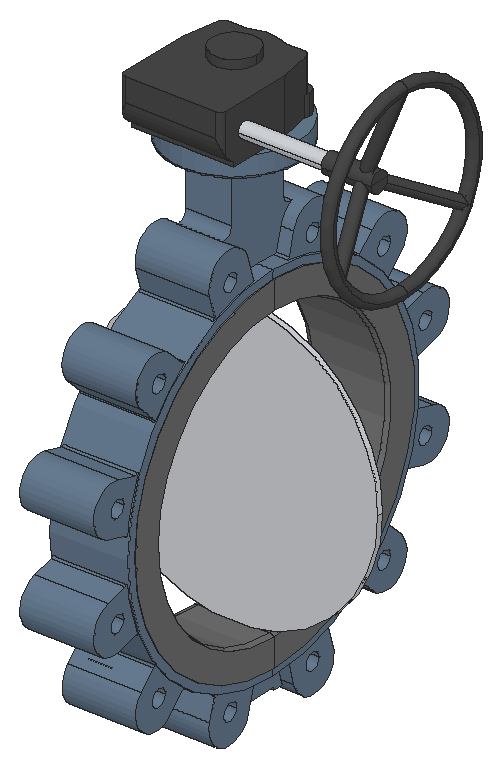
Revit family "HERZ Isolating Butterfly Valves AF-4219 with gearbox", category Rohrzubehör, Revit 2020 (continued)
Definition of nested family "Getriebe für Klappe DN50-DN200"
  Dimensions and locks
    "W01": angle Extrusion 1 sketch curve to Extrusion 1 sketch curve  (x2)
    aligned and locked: level to plane 2
  Automatic sketch dimensions
    Extrusion 3 sketch curve to level = 0 mm
    plane 1 "Mitte (Vorne/hinten)" to Extrusion 3 sketch curve = 80 mm
    Extrusion 3 sketch curve to Extrusion 3 sketch curve = 15.427 mm
    Extrusion 3 sketch curve to Extrusion 3 sketch curve = 13.173 mm
    level to Extrusion 3 sketch curve = 4.9 mm
    plane 1 "Mitte (Vorne/hinten)" to Extrusion 5 sketch curve = 0 mm
    Extrusion 5 sketch curve to plane 3 "Mitte (Links/rechts)" = 0 mm
    level to Revolve 7 sketch curve = 28.6 mm  (x2)
    plane 3 "Mitte (Links/rechts)" to Revolve 7 sketch curve = 172 mm
    level to Revolve 7 sketch curve = 26.361 mm
    Revolve 7 sketch curve to Revolve 7 sketch curve = 5.567 mm
    level to Revolve 7 sketch curve = 120.6 mm
    Revolve 7 sketch curve to Revolve 7 sketch curve = 0 mm  (x3)
    plane 3 "Mitte (Links/rechts)" to Revolve 10 sketch curve = 172 mm
    Revolve 10 sketch curve to Revolve 10 sketch curve = 5.567 mm
    Revolve 10 sketch curve to Revolve 10 sketch curve = 37 mm
    Revolve 10 sketch curve to Revolve 10 sketch curve = 2.239 mm
    Revolve 10 sketch curve to Revolve 10 sketch curve = 0 mm  (x4)
    plane 3 "Mitte (Links/rechts)" to Revolve 9 sketch curve = 172 mm
    Revolve 9 sketch curve to Revolve 9 sketch curve = 5.567 mm
    Revolve 9 sketch curve to Revolve 9 sketch curve = 37 mm
    Revolve 9 sketch curve to Revolve 9 sketch curve = 2.239 mm
    Revolve 9 sketch curve to Revolve 9 sketch curve = 0 mm  (x4)
    Extrusion 1 sketch curve to plane 3 "Mitte (Links/rechts)" = 0 mm
    plane 1 "Mitte (Vorne/hinten)" to Extrusion 1 sketch curve = 0 mm  (x2)
    Extrusion 1 sketch curve to plane 1 "Mitte (Vorne/hinten)" = 35.392 mm
    Extrusion 1 sketch curve to Extrusion 1 sketch curve = 18.48 mm  (x2)
    Extrusion 2 sketch curve to plane 3 "Mitte (Links/rechts)" = 35.7 mm
    plane 3 "Mitte (Links/rechts)" to Extrusion 2 sketch curve = 35.7 mm
    Revolve 4 sketch curve to plane 3 "Mitte (Links/rechts)" = 0 mm  (x2)
    Revolve 4 sketch curve to Revolve 4 sketch curve = 0 mm  (x2)
    Revolve 6 sketch curve to plane 3 "Mitte (Links/rechts)" = 1506.53 mm
    Revolve 6 sketch curve to Revolve 6 sketch curve = 1630.148 mm
    Revolve 8 sketch curve to Revolve 8 sketch curve = 7.5 mm
    Revolve 8 sketch curve to Revolve 8 sketch curve = 0 mm  (x2)
    radius of Extrusion 5 sketch curve = 22.3 mm
Definition of nested family "Getriebe für Klappe DN250-DN300"
  Parameters (values of type "Getriebe für Klappe DN250-DN300")
    W01 = 11.19°  # constant formula
    Default Elevation = 0 mm
    URL = "www.herz-armaturen.at"
    R07 = 92 mm  # constant formula
    R06 = 6 mm  # constant formula
    R05 = 10 mm  # constant formula
    R04 = 7.5 mm  # constant formula
    R03 = 10.5 mm  # constant formula
    R02 = 5.4 mm  # constant formula
    R01 = 44.9 mm  # constant formula
    M01 = 37 mm  # constant formula
    L03 = 52 mm  # constant formula
    L02 = 39.6 mm  # constant formula
    L01 = 80 mm  # constant formula
    Manufacturer = "Herz-Armaturen GmbH"  # constant formula
    H03 = 28.6 mm  # constant formula
    H02 = 20 mm  # constant formula
    H01 = 54 mm  # constant formula
    B05 = 209 mm  # constant formula
    B04 = 22 mm  # constant formula
    B03 = 50 mm  # constant formula
    B02 = 159 mm  # constant formula
    B01 = 51 mm  # constant formula
    A01 = 28.6 mm  # constant formula
  Reference planes
    plane 1 "Mitte (Vorne/hinten)": y = 0
    plane 2: z = 0
    plane 3 "Mitte (Links/rechts)": x = 0
  Forms (mm)
    Extrusion 1, solid, detail levels fine
      sketch origin (0, 0, 0) x (1, 0, 0) y (0, 1, 0)
        loop
          line (51, 0) -> (43.999, 35.392)
          arc (43.999, 35.392) -> (42.103, 38.419) -> (38.732, 39.6) r 5.4
          line (38.732, 39.6) -> (20.252, 39.6)
          arc (20.252, 39.6) -> (0, 44.427) -> (-20.252, 39.6) r 44.9
          line (-20.252, 39.6) -> (-38.732, 39.6)
          arc (-38.732, 39.6) -> (-42.103, 38.419) -> (-43.999, 35.392) r 5.4
          line (-43.999, 35.392) -> (-51, 0) -> (-51, -74.6)
          arc (-51, -74.6) -> (-49.418, -78.418) -> (-45.6, -80) r 5.4
          line (-45.6, -80) -> (45.6, -80)
          arc (45.6, -80) -> (49.418, -78.418) -> (51, -74.6) r 5.4
          line (51, -74.6) -> (51, 0)
      from 0 to 54
    Extrusion 2, solid, detail levels fine
      sketch origin (0, 0, 0) x (1, 0, 0) y (0, 1, 0)
        loop
          circle (-35.7, 37) r 10.5
        loop
          circle (35.7, 37) r 10.5
      from 0 to 20
    Extrusion 3, void
      sketch origin (0, 0, 0) x (0, 1, 0) y (0, 0, 1)
        loop
          line (-80, 0) -> (-64.573, 0) -> (-64.573, 4.9)
          arc (-64.573, 4.9) -> (-75.841, 15.433) -> (-80, 30.286) r 28.6
          line (-80, 30.286) -> (-80, 0)
      from -51 to 51
    Revolve 4, solid, detail levels fine
      sketch origin (0, 0, 28.6) x (1, 0, 0) y (0, 1, 0)
        loop
          line (0, -52) -> (0, -59.5) -> (159, -59.5) -> (159, -52) -> (0, -52)
        axis (0, -52) -> (159, -52)
      angle from 0 to 360
    Extrusion 5, solid, detail levels fine
      sketch origin (0, 0, 0) x (1, 0, 0) y (0, 1, 0)
        loop
          circle (0, 0) r 22.3
      from 54 to 62.5
    Revolve 6, solid, detail levels fine
      sketch origin (0, -52, 28.6) x (1, 0, 0) y (0, 0, 1)
        loop
          circle (209, 92) r 6
        axis (203, 0) -> (215, 0)
      angle from 0 to 360
    Revolve 7, solid, detail levels fine
      sketch origin (0, -52, 0) x (1, 0, 0) y (0, 0, 1)
        loop
          line (209, 120.6) -> (172, 28.6) -> (177.567, 26.361) -> (214.567, 118.361) -> (209, 120.6)
        axis (172, 28.6) -> (209, 120.6)
      angle from 0 to 360
    Revolve 8, solid, detail levels fine
      sketch origin (0, 0, 28.6) x (1, 0, 0) y (0, 1, 0)
        loop
          line (137, -59.5) -> (137, -62) -> (187, -62) -> (187, -52) -> (159, -52) -> (159, -59.5) -> (137, -59.5)
        axis (137, -52) -> (187, -52)
      angle from 0 to 360
    Revolve 9, solid, detail levels fine
      sketch origin (0, -27.232, 42.9) x (1, 0, 0) y (0, -0.866025, -0.5)
        loop
          line (209, 120.6) -> (172, 28.6) -> (177.567, 26.361) -> (214.567, 118.361) -> (209, 120.6)
        axis (172, 28.6) -> (209, 120.6)
      angle from 0 to 360
    Revolve 10, solid, detail levels fine
      sketch origin (0, -76.768, 42.9) x (1, 0, 0) y (0, 0.866025, -0.5)
        loop
          line (209, 120.6) -> (172, 28.6) -> (177.567, 26.361) -> (214.567, 118.361) -> (209, 120.6)
        axis (172, 28.6) -> (209, 120.6)
      angle from 0 to 360
  Cuts and joins
    Extrusion 3 cuts Extrusion 1
  Dimensions and locks
    "B01": Extrusion 1 sketch curve to plane 3 "Mitte (Links/rechts)"
    "B01": plane 3 "Mitte (Links/rechts)" to Extrusion 1 sketch curve
    "L02": plane 1 "Mitte (Vorne/hinten)" to Extrusion 1 sketch curve  (x2)
    "L01": Extrusion 1 sketch curve to plane 1 "Mitte (Vorne/hinten)"
    "M01": plane 1 "Mitte (Vorne/hinten)" to Extrusion 2 sketch curve  (x2)
    "H01": Extrusion 1 to plane 2
    "H02": Extrusion 2 to plane 2
    "L03": Revolve 4 sketch curve to plane 1 "Mitte (Vorne/hinten)"
    "R04": Revolve 4 sketch curve to Revolve 4 sketch curve
    "B02": Revolve 4 sketch curve to Revolve 4 sketch curve
    "H03": Revolve 8 to plane 2
    "H03": Revolve 4 to plane 2
    "L03": Revolve 8 sketch curve to plane 1 "Mitte (Vorne/hinten)"
    "B02": plane 3 "Mitte (Links/rechts)" to Revolve 8 sketch curve
    "R05": Revolve 8 sketch curve to Revolve 8 sketch curve
    "B03": Revolve 8 sketch curve to Revolve 8 sketch curve
    "B04": Revolve 8 sketch curve to Revolve 8 sketch curve
    "R04": Revolve 8 sketch curve to Revolve 8 sketch curve
    "B05": Revolve 6 sketch curve to plane 3 "Mitte (Links/rechts)"
    "R07": Revolve 6 sketch curve to Revolve 6 sketch curve
    "A01": plane 2 to Revolve 6 sketch curve
    "R02": radius of Extrusion 1 sketch curve  (x4)
    "R01": radius of Extrusion 1 sketch curve
    "R03": radius of Extrusion 2 sketch curve  (x2)
    "R06": radius of Revolve 6 sketch curve
    "W01": angle Extrusion 1 sketch curve to Extrusion 1 sketch curve  (x2)
    aligned and locked: level to plane 2
  Automatic sketch dimensions
    Extrusion 3 sketch curve to level = 0 mm
    plane 1 "Mitte (Vorne/hinten)" to Extrusion 3 sketch curve = 80 mm
    Extrusion 3 sketch curve to Extrusion 3 sketch curve = 15.427 mm
    Extrusion 3 sketch curve to Extrusion 3 sketch curve = 13.173 mm
    level to Extrusion 3 sketch curve = 4.9 mm
    plane 1 "Mitte (Vorne/hinten)" to Extrusion 5 sketch curve = 0 mm
    Extrusion 5 sketch curve to plane 3 "Mitte (Links/rechts)" = 0 mm
    level to Revolve 7 sketch curve = 28.6 mm  (x2)
    plane 3 "Mitte (Links/rechts)" to Revolve 7 sketch curve = 172 mm
    level to Revolve 7 sketch curve = 26.361 mm
    Revolve 7 sketch curve to Revolve 7 sketch curve = 5.567 mm
    level to Revolve 7 sketch curve = 120.6 mm
    Revolve 7 sketch curve to Revolve 7 sketch curve = 0 mm  (x3)
    plane 3 "Mitte (Links/rechts)" to Revolve 10 sketch curve = 172 mm
    Revolve 10 sketch curve to Revolve 10 sketch curve = 5.567 mm
    Revolve 10 sketch curve to Revolve 10 sketch curve = 37 mm
    Revolve 10 sketch curve to Revolve 10 sketch curve = 2.239 mm
    Revolve 10 sketch curve to Revolve 10 sketch curve = 0 mm  (x4)
    plane 3 "Mitte (Links/rechts)" to Revolve 9 sketch curve = 172 mm
    Revolve 9 sketch curve to Revolve 9 sketch curve = 5.567 mm
    Revolve 9 sketch curve to Revolve 9 sketch curve = 37 mm
    Revolve 9 sketch curve to Revolve 9 sketch curve = 2.239 mm
    Revolve 9 sketch curve to Revolve 9 sketch curve = 0 mm  (x4)
    Extrusion 1 sketch curve to plane 3 "Mitte (Links/rechts)" = 0 mm
    plane 1 "Mitte (Vorne/hinten)" to Extrusion 1 sketch curve = 0 mm  (x2)
    Extrusion 1 sketch curve to plane 1 "Mitte (Vorne/hinten)" = 35.392 mm
    Extrusion 1 sketch curve to Extrusion 1 sketch curve = 18.48 mm  (x2)
    Extrusion 2 sketch curve to plane 3 "Mitte (Links/rechts)" = 35.7 mm
    plane 3 "Mitte (Links/rechts)" to Extrusion 2 sketch curve = 35.7 mm
    Revolve 4 sketch curve to plane 3 "Mitte (Links/rechts)" = 0 mm  (x2)
    Revolve 4 sketch curve to Revolve 4 sketch curve = 0 mm  (x2)
    Revolve 6 sketch curve to plane 3 "Mitte (Links/rechts)" = 1506.53 mm
    Revolve 6 sketch curve to Revolve 6 sketch curve = 1630.148 mm
    Revolve 8 sketch curve to Revolve 8 sketch curve = 7.5 mm
    Revolve 8 sketch curve to Revolve 8 sketch curve = 0 mm  (x2)
    radius of Extrusion 5 sketch curve = 22.3 mm
